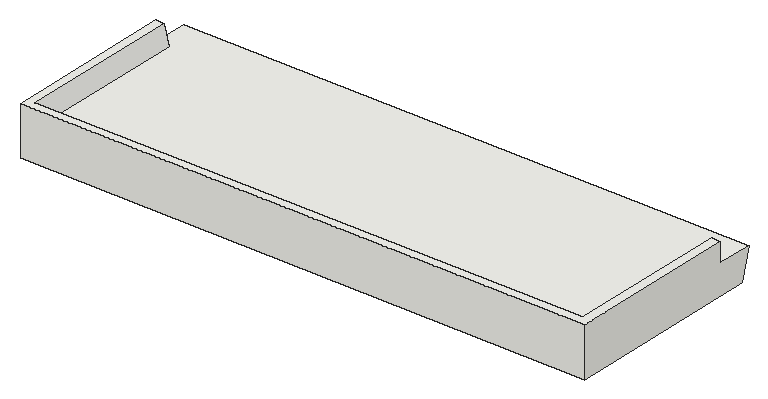
Revit family "BRU_Префаб_Балкон", category Каркас несущий, Revit 2021
Family settings
  Округление длины несущего каркаса = 0 мм
  Форма сечения = Не задано
  Материал для поведения модели = Прочее
  Всегда экспортировать в виде геометрии = Нет
  На основе рабочей плоскости = Нет
  Всегда вертикально = Да
  При загрузке вырезать с полостями = Нет
  Условное обозначение = Из семейства
  Общий = Нет
  Показывать семейство разрезанным на планах = Да
Parameters (values of type "3440х1200")
  Утеплитель = IVS. Утеплитель_Минераловатный утеплитель_ISOVER
  Толщина утеплителя = 150 mm
  Толщина стены = 150 mm
  Поверхность = ADSK_Бетон_В25 армированный
  Отметка по умолчанию = 0 mm
  Бетон = BRU_Фибробетон
  t3 = 25 mm
  ADSK_Размер_Ширина = 1200 mm
  ADSK_Размер_Длина = 3440 mm
  ADSK_Обозначение = ""
  ADSK_Наименование = "ПФ1_Тип 9"
  ADSK_Марка = "Тип 9"
  A = 500 mm
Reference planes
  plane 1 "По центру (Вперед/Назад)": y = 0
  plane 2: z = 0
  plane 3 "По центру (Влево/Вправо)": x = 0
  plane 4: x = -1720
  plane 5: y = -1200
  plane 6: x = 1720
  plane 7: y = 50
  plane 8 "Плоскость фасада": y = -165
  plane 9 "По центру Л/Р": y = -150
  plane 10: y = -150
  plane 11: y = -190
  plane 12: y = -215
  plane 13: y = -240
  plane 14: x = -1645
  plane 15: x = -1620
  plane 16: x = -1595
  plane 17: x = 1645
  plane 18: x = 1620
  plane 19: x = 1595
  plane 20: y = -1125
  plane 21: y = -1100
  plane 22: y = -1075
  plane 23: x = -1220
  plane 24: x = 1220
Forms (mm)
  Extrusion 1, solid, material "BRU_Фибробетон" <- "Бетон"
    sketch origin (0, 0, 0) x (1, 0, 0) y (0, 1, 0)
      loop
        line (-1720, 0) -> (-1720, -1200) -> (1720, -1200) -> (1720, 0) -> (-1720, 0)
    from 0 to 180
  Sweep 2, solid, material "BRU_Фибробетон" <- "Бетон"
    path origin (0, 0, 0) x (1, 0, 0) y (0, 1, 0)
      loop
        line (-1720, 0) -> (1720, 0)
    profile origin (0, 0, 0) x (0, 1, 0) y (0, 0, 1)
      loop
        line (50, 180) -> (0, 180) -> (0, 0) -> (50, 180)
  Sweep 3, solid, material "BRU_Фибробетон" <- "Бетон"
    path origin (0, 0, 0) x (1, 0, 0) y (0, 1, 0)
      loop
        line (-1720, -165) -> (-1720, -1200) -> (1720, -1200) -> (1720, -165)
    profile origin (-1720, -682.5, 0) x (1, 0, 0) y (0, 0, 1)
      loop
        line (0, 180) -> (75, 180) -> (50, 300) -> (0, 300) -> (0, 180)
Cuts and joins
  joined: Extrusion 1, Sweep 2, Sweep 3
Dimensions and locks
  equal spacing: plane 4, plane 3 "По центру (Влево/Вправо)", plane 6
  "ADSK_Размер_Длина": plane 4 to plane 6
  "ADSK_Размер_Ширина": plane 1 "По центру (Вперед/Назад)" to plane 5
  locked: plane 1 "По центру (Вперед/Назад)" to plane 7 at 50
  locked: plane 8 "Плоскость фасада" to plane 9 "По центру Л/Р" at 15
  "Толщина стены": plane 9 "По центру Л/Р" to plane 1 "По центру (Вперед/Назад)"
  "Толщина утеплителя": plane 1 "По центру (Вперед/Назад)" to plane 10
  equal spacing: plane 13, plane 12, plane 11, plane 8 "Плоскость фасада"
  "t3": plane 12 to plane 13
  locked: plane 4 to plane 14 at 75
  equal spacing: plane 14, plane 15, plane 16
  "t3": plane 15 to plane 16
  equal spacing: plane 17, plane 18, plane 19
  "t3": plane 18 to plane 19
  locked: plane 17 to plane 6 at 75
  locked: plane 5 to plane 20 at 75
  equal spacing: plane 20, plane 21, plane 22
  "t3": plane 21 to plane 22
  "A": plane 4 to plane 23
  "A": plane 24 to plane 6
  aligned and locked: level to plane 2
  aligned and locked: plane 1 "По центру (Вперед/Назад)" to Extrusion 1 sketch curve
  aligned and locked: plane 4 to Extrusion 1 sketch curve
  aligned and locked: plane 5 to Extrusion 1 sketch curve
  aligned and locked: plane 6 to Extrusion 1 sketch curve
Automatic sketch dimensions
  plane 1 "По центру (Вперед/Назад)" to Sweep 2 sketch curve = 0 mm
  Sweep 2 sketch curve to plane 4 = 0 mm
  Sweep 2 sketch curve to plane 6 = 0 mm
  Sweep 2 sketch curve to profile plane = 0 mm
  Sweep 2 sketch curve to level = 0 mm
  Sweep 2 sketch curve to profile plane = 50 mm
  level to Sweep 2 sketch curve = 180 mm
  Sweep 3 sketch curve to plane 4 = 0 mm
  Sweep 3 sketch curve to plane 5 = 0 mm
  Sweep 3 sketch curve to plane 6 = 0 mm
  plane 8 "Плоскость фасада" to Sweep 3 sketch curve = 0 mm  (x2)
  profile plane to Sweep 3 sketch curve = 0 mm
  Sweep 3 sketch curve to profile plane = 50 mm
  Sweep 3 sketch curve to profile plane = 75 mm
  level to Sweep 3 sketch curve = 180 mm
  Sweep 3 sketch curve to Sweep 3 sketch curve = 120 mm
